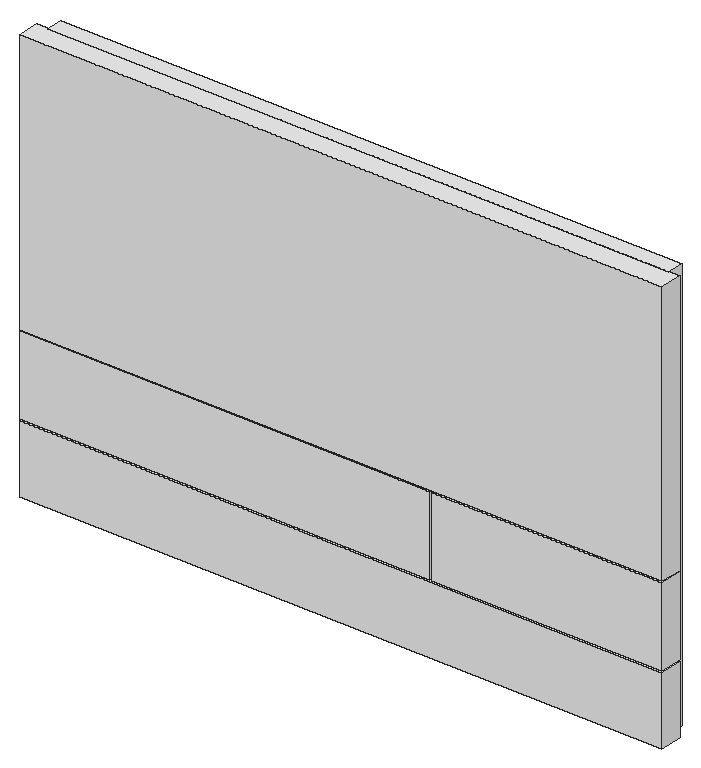
Revit family "Plum Fix_Toilet_Argent_Edge Rectangular Flush Plate", category Plumbing Fixtures, Revit 2016
Family settings
  Part Type = Normal
  Round Connector Dimension = Use Diameter
  OmniClass Number = 23.45.05.21.11
  OmniClass Title = Water Closets
  Work Plane-Based = No
  Always vertical = Yes
  Cut with Voids When Loaded = Yes
  Shared = No
  Room Calculation Point = No
Parameters (values of type "Chrome")
  Waste Connection = no
  WFU = 0
  Vent Connection = no
  URL = "https://www.argentaust.com.au/"
  Type Comments = "Chrome finish"
  ModifiedIssue_ANZRS = 20190503
  Model = "IN38780"
  Manufacturer_URL__Product Specific = "https://www.argentaust.com.au/argent-flushing-flushplates-edge-flush-plate-mechanical?item=8976"
  Manufacturer_Spec Code = Model  # "IN38780"
  Manufacturer_Overall Width = 236 mm  # constant formula
  Manufacturer_Overall Height = 152 mm  # constant formula
  Manufacturer_Overall Depth = 125 mm  # constant formula
  Manufacturer_Height From FFL [instance] = 650 mm
  Manufacturer = "Argent"  # constant formula
  Keynote = ""
  HWFU = 0
  HW Connection = no
  CreatedBy_ANZRS = "IGS BIM Solutions"  # constant formula
  CreatedByURL_ANZRS = "http://www.igsgroup.com.au"
  Description = "Edge Flushplate - Dual Flush"  # constant formula
  Cost = 0
  CWFU = 0
  CW Connection = no
  Body Material = z_Argent_Chrome
  Assembly Code = ""
Reference planes
  plane 1 "Ref. Level": z = 0
  plane 2 "Front": y = 84.5
  plane 3 "Front offset": y = 92.5
  plane 4 "Center (Left/Right)": x = -4.48
  plane 5 "Left": x = -122.48
  plane 6 "Right": x = 113.52
  plane 7 "Bottom": z = 574
  plane 8 "Top": z = 726
  plane 9 "Center Elevation": z = 650
  plane 10 "Back": y = 209.5
  plane 11 "Center (Front/Back)": y = 147
Forms (mm)
  Extrusion 1, solid, material "z_Argent_Chrome" <- "Body Material"
    sketch origin (0, 88.5, 0) x (1, 0, 0) y (0, 0, 1)
      loop
        line (-122.48, 726) -> (-122.48, 629) -> (113.52, 629) -> (113.52, 726) -> (-122.48, 726)
      loop
        line (-122.48, 574) -> (113.52, 574) -> (113.52, 599) -> (-122.48, 599) -> (-122.48, 574)
      loop
        line (-122.48, 628.5) -> (-122.48, 599.5) -> (28.22, 599.5) -> (28.22, 628.5) -> (-122.48, 628.5)
      loop
        line (28.82, 599.5) -> (113.52, 599.5) -> (113.52, 628.5) -> (28.82, 628.5) -> (28.82, 599.5)
    from -4 to 4
  Extrusion 2, solid, material "z_Argent_Chrome" <- "Body Material"
    sketch origin (0, 92.5, 0) x (-1, 0, 0) y (0, 0, -1)
      loop
        line (-109.52, -726) -> (118.48, -726) -> (118.48, -574) -> (-109.52, -574) -> (-109.52, -726)
    from -6 to 0
  Extrusion 3, void
    sketch origin (0, 92.5, 0) x (-1, 0, 0) y (0, 0, -1)
      loop
        line (-109.52, -726) -> (118.48, -726) -> (118.48, -574) -> (-109.52, -574) -> (-109.52, -726)
    from -6 to 0
  Extrusion 4, void
    sketch origin (0, 0, 456) x (0, -1, 0) y (1, 0, 0)
      loop
        line (-92.5, -118.48) -> (-92.5, 109.52) -> (-209.5, 109.52) -> (-209.5, -118.48) -> (-92.5, -118.48)
    from 118 to 270
Lines and regions (mm)
  Masking region 1
    outline origin (0, 0, 726) x (0, -1, 0) y (1, 0, 0)
      loop
        line (-84.5, -122.48) -> (-84.5, 113.52) -> (-92.5, 113.52) -> (-92.5, 109.52) -> (-98.5, 109.52) -> (-98.5, -118.48) -> (-92.5, -118.48) -> (-92.5, -122.48) -> (-84.5, -122.48)
  Masking region 2
    outline origin (0, 84.5, 0) x (-1, 0, 0) y (0, 0, 1)
      loop
        line (122.48, 726) -> (-113.52, 726) -> (-113.52, 574) -> (122.48, 574) -> (122.48, 726)
  Masking region 3
    outline origin (113.52, 0, 0) x (0, 1, 0) y (0, 0, 1)
      loop
        line (84.5, 726) -> (84.5, 574) -> (92.5, 574) -> (92.5, 578) -> (98.5, 578) -> (98.5, 722) -> (92.5, 722) -> (92.5, 726) -> (84.5, 726)
  symbolic lines, style "Toilets/Bidets", detail levels medium+fine
    curve 1: line (-118.48, 92.5, 726) -> (109.52, 92.5, 726)
    curve 2: line (-122.48, 84.5, 629) -> (113.52, 84.5, 629)
    curve 3: line (113.52, 84.5, 599) -> (-122.48, 84.5, 599)
    curve 10: line (113.52, 92.5, 722) -> (113.52, 92.5, 578)
  symbolic lines, style "Toilets/Bidets", detail levels fine
    curve 4: line (28.82, 84.5, 628.5) -> (28.82, 84.5, 599.5)
    curve 5: line (28.82, 84.5, 599.5) -> (113.52, 84.5, 599.5)
    curve 6: line (113.52, 84.5, 628.5) -> (28.82, 84.5, 628.5)
    curve 7: line (28.22, 84.5, 628.5) -> (28.22, 84.5, 599.5)
    curve 8: line (28.22, 84.5, 599.5) -> (-122.48, 84.5, 599.5)
    curve 9: line (-122.48, 84.5, 628.5) -> (28.22, 84.5, 628.5)
    curve 11: line (113.52, 92.5, 645) -> (113.52, 96.5, 645)
    curve 12: line (113.52, 96.5, 645) -> (113.52, 96.5, 655)
    curve 13: line (113.52, 96.5, 655) -> (113.52, 92.5, 655)
Text (mm)
  text "Disclaimer:\n\nDue to ongoing product development and manufacturing evolution, product details are subject to change without notice. Please refer to product technical data sheets on the manufacturer’s website for the most current product information. Please allow a +/- 5mm manufacturing tolerance for dimensions and set-outs shown in product literature." at (197.049, 289.678, 0), in view "Ref. Level_Instruction"
Dimensions and locks
  equal spacing: plane 5 "Left", plane 4 "Center (Left/Right)", plane 6 "Right"
  "Manufacturer_Overall Width": plane 5 "Left" to plane 6 "Right"
  "Manufacturer_Overall Height": plane 8 "Top" to plane 7 "Bottom"
  equal spacing: plane 8 "Top", plane 9 "Center Elevation", plane 7 "Bottom"
  "Manufacturer_Height From FFL": plane 9 "Center Elevation" to plane 1 "Ref. Level"
  "Manufacturer_Overall Depth": plane 2 "Front" to plane 10 "Back"
  equal spacing: plane 2 "Front", plane 11 "Center (Front/Back)", plane 10 "Back"
  aligned and locked: Extrusion 1 to plane 3 "Front offset"
  aligned and locked: plane 2 "Front" to Extrusion 1
  aligned and locked: Extrusion 4 to Extrusion 2  (x2)
  aligned and locked: plane 8 "Top" to Extrusion 4
  aligned and locked: Extrusion 4 to plane 7 "Bottom"
  aligned and locked: Extrusion 1 to Extrusion 3
  aligned and locked: Extrusion 3 to Extrusion 1
  aligned and locked: Extrusion 4 to plane 10 "Back"
Automatic sketch dimensions
  Extrusion 2 sketch curve to plane 6 "Right" = 4 mm
  Extrusion 2 sketch curve to plane 5 "Left" = 4 mm
  plane 7 "Bottom" to Extrusion 2 sketch curve = 0 mm
  plane 8 "Top" to Extrusion 2 sketch curve = 0 mm
  Extrusion 3 sketch curve to plane 6 "Right" = 4 mm
  Extrusion 3 sketch curve to plane 5 "Left" = 4 mm
  Extrusion 3 sketch curve to plane 7 "Bottom" = 0 mm
  plane 8 "Top" to Extrusion 3 sketch curve = 0 mm
  plane 6 "Right" to Masking region 2 sketch curve = 0 mm
  Masking region 2 sketch curve to plane 5 "Left" = 0 mm
  Masking region 2 sketch curve to plane 7 "Bottom" = 0 mm
  Masking region 2 sketch curve to plane 8 "Top" = 0 mm
  curve 2 to plane 6 "Right" = 0 mm
  curve 3 to curve 5 = 0 mm
  curve 4 to plane 4 "Center (Left/Right)" = 33.3 mm
  curve 4 to curve 7 = 0.6 mm
  curve 3 to plane 7 "Bottom" = 25 mm
  curve 7 to plane 7 "Bottom" = 25.5 mm
  curve 9 to curve 4 = 0 mm
  plane 3 "Front offset" to Masking region 1 sketch curve = 0 mm  (x2)
  plane 2 "Front" to Masking region 1 sketch curve = 0 mm
  Masking region 1 sketch curve to plane 5 "Left" = 0 mm
  Masking region 1 sketch curve to plane 6 "Right" = 0 mm
  Masking region 1 sketch curve to Masking region 1 sketch curve = 6 mm
  plane 5 "Left" to Masking region 1 sketch curve = 4 mm
  plane 6 "Right" to Masking region 1 sketch curve = 4 mm
  plane 3 "Front offset" to curve 1 = 0 mm
  plane 5 "Left" to curve 1 = 4 mm
  plane 6 "Right" to curve 1 = 4 mm
  Extrusion 1 sketch curve to plane 6 "Right" = 0 mm
  Extrusion 1 sketch curve to plane 7 "Bottom" = 0 mm
  Extrusion 1 sketch curve to plane 8 "Top" = 0 mm
  plane 4 "Center (Left/Right)" to Extrusion 1 sketch curve = 32.7 mm
  Extrusion 1 sketch curve to Extrusion 1 sketch curve = 0.6 mm
  Extrusion 1 sketch curve to Extrusion 1 sketch curve = 0 mm  (x5)
  Extrusion 1 sketch curve to Extrusion 1 sketch curve = 29 mm
  plane 5 "Left" to Extrusion 1 sketch curve = 0 mm
  Extrusion 1 sketch curve to Extrusion 1 sketch curve = 25 mm
  Extrusion 1 sketch curve to Extrusion 1 sketch curve = 0.5 mm  (x2)
  Extrusion 1 sketch curve to plane 5 "Left" = 0 mm
  curve 8 to plane 5 "Left" = 0 mm
  curve 9 to plane 5 "Left" = 0 mm
  curve 2 to curve 9 = 0 mm
  curve 3 to curve 8 = 0 mm
  curve 3 to plane 6 "Right" = 0 mm
  curve 6 to curve 2 = 0 mm
  curve 3 to curve 5 = 0.5 mm
  curve 4 to curve 6 = 29 mm
  curve 6 to curve 2 = 0.5 mm
  Masking region 3 sketch curve to plane 2 "Front" = 0 mm
  Masking region 3 sketch curve to plane 3 "Front offset" = 0 mm  (x2)
  Masking region 3 sketch curve to plane 7 "Bottom" = 0 mm
  Masking region 3 sketch curve to plane 8 "Top" = 0 mm
  Masking region 3 sketch curve to Masking region 3 sketch curve = 6 mm
  Masking region 3 sketch curve to Masking region 3 sketch curve = 4 mm
  Masking region 3 sketch curve to plane 8 "Top" = 4 mm
  curve 13 to plane 3 "Front offset" = 0 mm
  curve 10 to plane 7 "Bottom" = 4 mm
  curve 13 to curve 12 = 4 mm
  curve 10 to curve 11 = 67 mm
  curve 11 to curve 12 = 10 mm
  plane 8 "Top" to curve 10 = 4 mm
  plane 3 "Front offset" to Extrusion 4 sketch curve = 0 mm
  Extrusion 4 sketch curve to plane 3 "Front offset" = 117 mm
  plane 5 "Left" to Extrusion 4 sketch curve = 4 mm
  plane 6 "Right" to Extrusion 4 sketch curve = 4 mm
